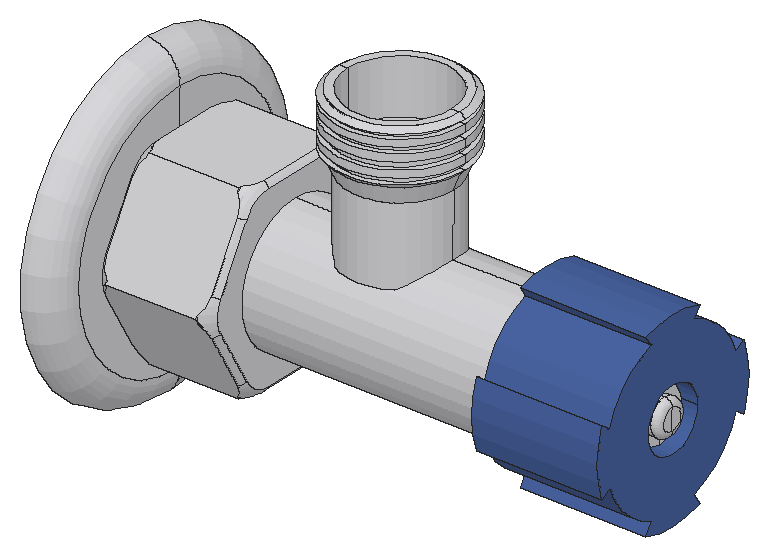
Revit family "BIM_01-3201-09", category Plumbing Fixtures, host Face, Revit 2026
Family settings
  Host = Face
  Round Connector Dimension = Use Diameter
  Part Type = Normal
  Classification Number = 23.31.11.00
  Enable Cutting in Views = No
  Cut with Voids When Loaded = No
  Maintain Annotation Orientation = No
  Shared = No
  Room Calculation Point = No
Parameters (values of type "01-3201-09")
  Waste Water Outlet = ""
  Vida Util = "2000 CICLOS"
  Torque de operación = "1.7 Nm"
  Torque de Conexión = "61 Nm"
  Tipo de Uso = "Domestico"
  Temperaturas de trabajo = "DE 5° A 71°"
  Sitio web = "https://www.gricol.com/"
  Rosca NPSM 1/2" = "1/2\""
  Rosca NPT 1/2" = "1/2\""
  Referente Normativo = "NTC 1644, ASME A112.18.1 / CSA B125.1"
  Presión de Estallído = 500.00 psi
  Presión Mínima = 20.00 psi
  Presión Maxima = 125.00 psi
  Plastico - ABS Cromado = Plastico ABS Cromado
  Plastico - ABS + Colorante azul = Plastico - ABS + Colorante azul
  Materiales del producto = "ABS, Latón, Caucho"
  Link Ficha Tecnica = "https://infotecnica.gricol.com/FT_01-3201-11_01-3201-09.pdf"
  Waste Connection = 1 = 0  # no
  Vent Connection = 1 = 0  # no
  URL = "https://www.gricol.com/products/llave-de-regulacion-cromada-manija-azul"
  Type Image = LLAVE DE REGULACION CRAMADA AZUL.jpg
  Product Name = "Llave De Regulación Cromada Manija Azul"  # constant formula
  Model = "01-3201-09\r"  # constant formula
  Manufacturer = "Gricol"  # constant formula
  HW Connection = 1 = 1  # yes
  Garantia Especifica = "20 AÑOS"
  Diametro nominal = "15.9 mm"
  Description = "Llave"  # constant formula
  Default Elevation = 0.0 mm
  Date Modified = "22/08/2025"  # constant formula
  Date Created = "05/28/2020"  # constant formula
  Copyright = "All rights reserved © Gricol - 2025."  # constant formula
  Conexiones = "Acometida: Rosca Hembra 1/2” NPT. Salida:\r\nRosca Macho 1/2” NPSM."
  CW Connection = 1 = 1  # yes
  Assembly Code = ""
  Ancho = 83.5 mm
  Diametro escudo = 50.6 mm
Reference planes
  plane 1 "Center (Front/Back)": y = 0
  plane 2: z = 0
  plane 3 "Center (Left/Right)": x = 0
  plane 4: x = -40.162
  plane 5: x = 43.338
  plane 6: z = 25.295
  plane 7: z = 50.6
  plane 8: x = -10.4
  plane 9: x = 10.4
Text (mm)
  text "Rosca NPSM 1/2\"" at (17.456, 0, 79.835), in view "Front"
  text "Rosca NPT 1/2\"" at (-137.418, 0, 25.544), in view "Front"
Dimensions and locks
  "Ancho": plane 4 to plane 5
  plane 4 to plane 3 "Center (Left/Right)" = 40.162 mm
  plane 7 to plane 6 = 25.305 mm
  "Diametro escudo": plane 7 to level
  plane 8 to plane 9 = 20.8 mm
  aligned and locked: plane 2 to host face
  aligned and locked: level to host face
Automatic sketch dimensions
  host sketch curve to host sketch curve = 167.561 mm
  host sketch curve to host sketch curve = 90.762 mm
Nested families
  nested 1: "LLAVE DE REGULACION CROMADA AZUL" at (0, 0, 0), type "LLAVE DE REGULACION CROMADA AZUL"
Definition of nested family "LLAVE DE REGULACION CROMADA AZUL"
  Parameters (values of type "LLAVE DE REGULACION CRAMADA AZUL")
    Weight Net (Kg) = "6.60Kg"
    Plastico - ABS Cromado = none
    Plastico - ABS + Colorante azul = none
    Waste Connection = no
    Vent Connection = no
    Type Comments = ""
    Nominal width = "370"
    Nominal height = "130"
    Model = ""
    Manufacturer = ""
    Keynote = ""
    HW Connection = no
    Default Elevation = 0.0 mm
    Cost = 0
    CW Connection = no
  Reference planes
    plane 1 "Center (Front/Back)": y = 0
    plane 2: z = 0
    plane 3 "Center (Left/Right)": x = 0
    plane 4 "11": x = -40.162
    plane 5: z = 57.295
    plane 6: x = 10.4
    plane 7: x = -10.4
    plane 8 "18": x = 43.338
    plane 9: z = 40.295
    plane 10: z = 50.6
    plane 11: z = 25.295
    plane 12: z = 10.295
  Forms (mm)
    Revolve 1, solid, material <- "Plastico - ABS Cromado"
      sketch origin (0.449, -0.057, -12.076) x (1, 0, 0) y (0, 0, 1)
        loop
          line (-9.98, 61.46) -> (-10.849, 61.46) -> (-10.067, 60.678) -> (-8.716, 60.678) -> (-8.716, 69.371) -> (-9.98, 69.371) -> (-10.849, 68.728) -> (-9.98, 68.728) -> (-9.98, 67.941) -> (-10.849, 67.941) -> (-10.849, 66.854) -> (-9.98, 66.854) -> (-9.98, 65.911) -> (-10.849, 65.911) -> (-10.849, 64.746) -> (-9.98, 64.746) -> (-9.98, 63.568) -> (-10.849, 63.568) -> (-10.849, 62.404) -> (-9.98, 62.404) -> (-9.98, 61.46)
        axis (-0.449, 69.371) -> (-0.449, 60.678)
      angle from 0 to 360
    Revolve 2, solid, material <- "Plastico - ABS Cromado"
      sketch origin (-124.259, -0.057, -50.324) x (0, 0, 1) y (-1, 0, 0)
        loop
          line (64.994, -106.659) -> (64.994, -147.672) -> (66.234, -147.672) -> (66.234, -106.659) -> (64.994, -106.659)
        axis (75.619, -106.659) -> (75.619, -147.672)
      angle from 0 to 360
    Revolve 3, solid, material <- "Plastico - ABS Cromado"
      sketch origin (0, 0, 10.295) x (1, 0, 0) y (0, 0, 1)
        loop
          line (-6.634, 38.307) -> (-9.619, 38.307) -> (-8.475, 35.445) -> (-8.475, 23.028) -> (-6.634, 23.028) -> (-6.634, 38.307)
        axis (0, 23.028) -> (0, 38.307)
      angle from 0 to 360
    Revolve 4, solid, material <- "Plastico - ABS Cromado"
      sketch origin (0.156, 0, 10.295) x (1, 0, 0) y (0, 0, 1)
        loop
          line (43.072, 15) -> (43.072, 16.688)
          arc (43.072, 16.688) -> (42.736, 17.498) -> (41.926, 17.834) r 1.146
          line (41.926, 17.834) -> (41.122, 17.834) -> (41.122, 19.218) -> (23.257, 19.218) -> (23.257, 15) -> (43.072, 15)
        axis (23.257, 15) -> (43.072, 15)
      angle from 0 to 360
    Extrusion 5, solid, material <- "Plastico - ABS Cromado"
      sketch origin (0, -102.723, 10.295) x (0, 1, 0) y (0, 0, 1)
        loop
          circle (102.723, 15) r 6.964
        loop
          line (111.383, 0) -> (120.043, 15) -> (111.383, 30) -> (94.062, 30) -> (85.402, 15) -> (94.062, 0) -> (111.383, 0)
      from -35 to -16.725
    Sweep 6, void
      path origin (0, 0, 10.295) x (0, 1, 0) y (0, 0, 1)
        loop
          line (5.196, 30) -> (-5.196, 30)
          arc (-5.196, 30) -> (-8.196, 29.196) -> (-10.392, 27) r 6
          line (-10.392, 27) -> (-15.588, 18)
          arc (-15.588, 18) -> (-16.392, 15) -> (-15.588, 12) r 6
          line (-15.588, 12) -> (-10.392, 3)
          arc (-10.392, 3) -> (-8.196, 0.804) -> (-5.196, 0) r 6
          line (-5.196, 0) -> (5.196, 0)
          arc (5.196, 0) -> (8.196, 0.804) -> (10.392, 3) r 6
          line (10.392, 3) -> (15.588, 12)
          arc (15.588, 12) -> (16.392, 15) -> (15.588, 18) r 6
          line (15.588, 18) -> (10.392, 27)
          arc (10.392, 27) -> (8.196, 29.196) -> (5.196, 30) r 6
      profile origin (0, 0, 40.295) x (0, 0, -1) y (1, 0, 0)
        loop
          line (-1.687, -36.452) -> (1.631, -36.452) -> (1.631, -35.391)
          arc (1.631, -35.391) -> (0.232, -34.434) -> (-0.724, -33.036) r 4.593
          line (-0.724, -33.036) -> (-1.687, -33.036) -> (-1.687, -36.452)
    Sweep 7, void
      path origin (-51.725, 0, 10.295) x (0, 1, 0) y (0, 0, -1)
        loop
          arc (5.196, -30) -> (8.196, -29.196) -> (10.392, -27) r 6
          line (10.392, -27) -> (15.588, -18)
          arc (15.588, -18) -> (16.392, -15) -> (15.588, -12) r 6
          line (15.588, -12) -> (10.392, -3)
          arc (10.392, -3) -> (8.196, -0.804) -> (5.196, 0) r 6
          line (5.196, 0) -> (-5.196, 0)
          arc (-5.196, 0) -> (-8.196, -0.804) -> (-10.392, -3) r 6
          line (-10.392, -3) -> (-15.588, -12)
          arc (-15.588, -12) -> (-16.392, -15) -> (-15.588, -18) r 6
          line (-15.588, -18) -> (-10.392, -27)
          arc (-10.392, -27) -> (-8.196, -29.196) -> (-5.196, -30) r 6
          line (-5.196, -30) -> (5.196, -30)
      profile origin (-51.725, 0, 40.295) x (0, 0, 1) y (-1, 0, 0)
        loop
          line (1.687, -36.452) -> (1.687, -33.036) -> (0.724, -33.036)
          arc (0.724, -33.036) -> (-0.232, -34.434) -> (-1.631, -35.391) r 4.593
          line (-1.631, -35.391) -> (-1.631, -36.452) -> (1.687, -36.452)
    Revolve 8, solid, material <- "Plastico - ABS Cromado"
      sketch origin (5.053, 0, 10.295) x (1, 0, 0) y (0, 0, 1)
        loop
          line (-39.345, 6.84) -> (-22.716, 6.84) -> (-22.716, 8.598) -> (-23.825, 8.598) -> (-23.825, 7.685) -> (-24.947, 7.685) -> (-24.947, 8.598) -> (-25.822, 8.598) -> (-25.822, 7.685) -> (-27.178, 7.685) -> (-27.178, 8.598) -> (-28.053, 8.598) -> (-28.053, 7.685) -> (-29.331, 7.685) -> (-29.331, 8.598) -> (-30.206, 8.598) -> (-30.206, 7.685) -> (-31.327, 7.685) -> (-31.327, 8.598) -> (-32.202, 8.598) -> (-32.202, 7.685) -> (-33.402, 7.685) -> (-33.402, 8.598) -> (-34.277, 8.598) -> (-34.277, 7.685) -> (-35.399, 7.685) -> (-35.399, 8.598) -> (-36.274, 8.598) -> (-36.274, 7.685) -> (-37.395, 7.685) -> (-37.395, 8.598) -> (-38.27, 8.598) -> (-38.27, 7.685) -> (-39.345, 7.685) -> (-39.345, 6.84)
        axis (-22.716, 15) -> (-39.345, 15)
      angle from 0 to 360
    Revolve 9, solid, material <- "Plastico - ABS Cromado"
      sketch origin (123.879, 0, 93.22) x (1, 0, 0) y (0, 0, 1)
        loop
          line (-164.04, -60.851) -> (-158.879, -60.851) -> (-158.879, -47.877)
          arc (-158.879, -47.877) -> (-160.385, -44.193) -> (-164.04, -42.62) r 5.258
          line (-164.04, -42.62) -> (-164.04, -60.851)
        axis (-158.879, -67.925) -> (-164.04, -67.925)
      angle from 0 to 360
    Extrusion 10, solid, material <- "Plastico - ABS + Colorante azul"
      sketch origin (43.338, 0, 10.295) x (0, 1, 0) y (0, 0, -1)
        loop
          line (5.276, -29.048) -> (4.218, -27.536)
          arc (4.218, -27.536) -> (9.352, -24.352) -> (12.536, -19.218) r 13.226
          line (12.536, -19.218) -> (14.048, -20.276)
          arc (14.048, -20.276) -> (15.006, -15) -> (14.048, -9.724) r 15.006
          line (14.048, -9.724) -> (12.536, -10.782)
          arc (12.536, -10.782) -> (9.352, -5.648) -> (4.218, -2.464) r 13.226
          line (4.218, -2.464) -> (5.276, -0.658)
          arc (5.276, -0.658) -> (0, 0.282) -> (-5.276, -0.658) r 15.282
          line (-5.276, -0.658) -> (-4.218, -2.464)
          arc (-4.218, -2.464) -> (-9.352, -5.648) -> (-12.536, -10.782) r 13.226
          line (-12.536, -10.782) -> (-14.048, -9.724)
          arc (-14.048, -9.724) -> (-15.006, -15) -> (-14.048, -20.276) r 15.006
          line (-14.048, -20.276) -> (-12.536, -19.218)
          arc (-12.536, -19.218) -> (-9.352, -24.352) -> (-4.218, -27.536) r 13.226
          line (-4.218, -27.536) -> (-5.276, -29.048)
          arc (-5.276, -29.048) -> (0, -30.006) -> (5.276, -29.048) r 15.006
        loop
          circle (0, -15) r 5
      from 0 to 19.925
  Cuts and joins
    Sweep 6, Sweep 7 cuts Extrusion 5
    joined: Revolve 2, Revolve 3
  Dimensions and locks
    Revolve 1 sketch curve to Revolve 1 sketch curve = 2.132 mm
    plane 3 "Center (Left/Right)" to plane 7 = 10.4 mm
    equal spacing: plane 6, plane 3 "Center (Left/Right)", plane 7
    plane 6 to plane 7 = 20.8 mm  (x2)
    plane 8 "18" to plane 4 "11" = 83.5 mm  (x2)
    plane 10 to level = 50.6 mm
    aligned and locked: level to plane 2
  Automatic sketch dimensions
    Revolve 1 sketch curve to plane 7 = 0.0 mm  (x5)
    Revolve 1 sketch curve to plane 3 "Center (Left/Right)" = 0.0 mm
    plane 7 to Revolve 1 sketch curve = 0.781 mm
    plane 7 to Revolve 1 sketch curve = 0.869 mm  (x3)
    Revolve 1 sketch curve to Revolve 1 sketch curve = 0.0 mm
    Revolve 1 sketch curve to Revolve 1 sketch curve = 0.088 mm
    Revolve 1 sketch curve to plane 5 = 8.693 mm
    Revolve 1 sketch curve to Revolve 1 sketch curve = 0.781 mm
    Revolve 1 sketch curve to Revolve 1 sketch curve = 0.944 mm  (x2)
    Revolve 1 sketch curve to Revolve 1 sketch curve = 1.165 mm  (x2)
    Revolve 1 sketch curve to Revolve 1 sketch curve = 1.178 mm
    Revolve 1 sketch curve to Revolve 1 sketch curve = 1.086 mm
    Revolve 1 sketch curve to Revolve 1 sketch curve = 0.788 mm
    Revolve 1 sketch curve to Revolve 1 sketch curve = 0.643 mm
    Revolve 1 sketch curve to Revolve 1 sketch curve = 10.699 mm
    Revolve 1 sketch curve to Revolve 1 sketch curve = 1.872 mm
    level to Revolve 2 sketch curve = 15.91 mm
    Revolve 2 sketch curve to Revolve 2 sketch curve = 1.24 mm
    plane 6 to Revolve 2 sketch curve = 13.013 mm
    Revolve 2 sketch curve to plane 7 = 7.2 mm  (x2)
    Revolve 2 sketch curve to plane 8 "18" = 8.857 mm
    Revolve 3 sketch curve to plane 3 "Center (Left/Right)" = 0.0 mm
    plane 7 to Revolve 3 sketch curve = 3.766 mm
    plane 7 to Revolve 3 sketch curve = 1.925 mm
    plane 7 to Revolve 3 sketch curve = 0.781 mm
    Revolve 3 sketch curve to plane 5 = 23.972 mm
    Revolve 3 sketch curve to Revolve 3 sketch curve = 12.417 mm
    Revolve 3 sketch curve to Revolve 3 sketch curve = 2.863 mm
    Revolve 3 sketch curve to Revolve 3 sketch curve = 5.0 mm
    Revolve 3 sketch curve to Revolve 3 sketch curve = 5.232 mm
    plane 6 to Revolve 4 sketch curve = 13.013 mm
    Revolve 4 sketch curve to plane 8 "18" = 2.06 mm
    Revolve 4 sketch curve to Revolve 4 sketch curve = 0.804 mm
    Revolve 4 sketch curve to plane 8 "18" = 0.11 mm
    Revolve 4 sketch curve to Revolve 4 sketch curve = 1.438 mm
    plane 8 "18" to Revolve 4 sketch curve = 0.513 mm
    level to Extrusion 5 sketch curve = 10.295 mm
    plane 9 to Extrusion 5 sketch curve = 0.0 mm
    Extrusion 5 sketch curve to plane 1 "Center (Front/Back)" = 0.0 mm
    plane 1 "Center (Front/Back)" to Extrusion 5 sketch curve = 8.66 mm  (x2)
    Extrusion 5 sketch curve to Extrusion 5 sketch curve = 8.66 mm  (x2)
    Extrusion 5 sketch curve to plane 1 "Center (Front/Back)" = 8.66 mm  (x2)
    plane 9 to Sweep 6 sketch curve = 0.0 mm
    level to Sweep 6 sketch curve = 10.295 mm
    plane 1 "Center (Front/Back)" to Sweep 6 sketch curve = 15.588 mm
    plane 9 to Sweep 6 sketch curve = 3.0 mm  (x2)
    Sweep 6 sketch curve to Sweep 6 sketch curve = 5.196 mm  (x7)
    level to Sweep 6 sketch curve = 13.295 mm  (x2)
    plane 1 "Center (Front/Back)" to Sweep 6 sketch curve = 5.196 mm  (x2)
    Sweep 6 sketch curve to plane 1 "Center (Front/Back)" = 5.196 mm  (x2)
    profile plane to Sweep 6 sketch curve = 1.687 mm
    profile plane to Sweep 6 sketch curve = 0.724 mm
    Sweep 6 sketch curve to profile plane = 1.631 mm
    Sweep 6 sketch curve to profile plane = 3.48 mm
    Sweep 6 sketch curve to plane 3 "Center (Left/Right)" = 36.452 mm
    Sweep 6 sketch curve to Sweep 6 sketch curve = 1.061 mm
    Sweep 6 sketch curve to Sweep 6 sketch curve = 3.416 mm
    plane 9 to Sweep 7 sketch curve = 0.0 mm
    level to Sweep 7 sketch curve = 10.295 mm
    plane 1 "Center (Front/Back)" to Sweep 7 sketch curve = 15.588 mm
    plane 9 to Sweep 7 sketch curve = 3.0 mm  (x2)
    Sweep 7 sketch curve to Sweep 7 sketch curve = 5.196 mm  (x7)
    level to Sweep 7 sketch curve = 13.295 mm  (x2)
    plane 1 "Center (Front/Back)" to Sweep 7 sketch curve = 5.196 mm  (x2)
    Sweep 7 sketch curve to plane 1 "Center (Front/Back)" = 5.196 mm  (x2)
    profile plane to Sweep 7 sketch curve = 3.48 mm
    profile plane to Sweep 7 sketch curve = 1.631 mm
    Sweep 7 sketch curve to profile plane = 0.724 mm
    Sweep 7 sketch curve to Sweep 7 sketch curve = 0.963 mm
    Sweep 7 sketch curve to profile plane = 36.452 mm
    Sweep 7 sketch curve to Sweep 7 sketch curve = 1.061 mm
    Sweep 7 sketch curve to Sweep 7 sketch curve = 3.416 mm
    plane 4 "11" to Revolve 8 sketch curve = 5.869 mm
    Revolve 8 sketch curve to Revolve 8 sketch curve = 1.075 mm
    Revolve 8 sketch curve to Revolve 8 sketch curve = 0.875 mm  (x7)
    Revolve 8 sketch curve to Revolve 8 sketch curve = 1.122 mm  (x4)
    Revolve 8 sketch curve to Revolve 8 sketch curve = 1.2 mm
    Revolve 8 sketch curve to Revolve 8 sketch curve = 1.278 mm
    Revolve 8 sketch curve to Revolve 8 sketch curve = 1.356 mm
    Revolve 8 sketch curve to Revolve 8 sketch curve = 1.109 mm
    Revolve 8 sketch curve to Revolve 8 sketch curve = 0.0 mm  (x13)
    Revolve 8 sketch curve to Revolve 8 sketch curve = 0.913 mm  (x2)
    Revolve 8 sketch curve to Revolve 8 sketch curve = 0.844 mm  (x2)
    plane 4 "11" to Revolve 8 sketch curve = 4.347 mm
    Extrusion 10 sketch curve to Extrusion 10 sketch curve = 0.0 mm  (x54)
    Extrusion 10 sketch curve to plane 1 "Center (Front/Back)" = 0.0 mm
    plane 1 "Center (Front/Back)" to Extrusion 10 sketch curve = 4.218 mm  (x2)
    level to Extrusion 10 sketch curve = 10.952 mm  (x2)
    Extrusion 10 sketch curve to Extrusion 10 sketch curve = 1.059 mm  (x5)
    plane 9 to Extrusion 10 sketch curve = 0.952 mm  (x2)
    Extrusion 10 sketch curve to Extrusion 10 sketch curve = 8.318 mm  (x2)
    Extrusion 10 sketch curve to Extrusion 10 sketch curve = 1.512 mm  (x6)
    Extrusion 10 sketch curve to plane 1 "Center (Front/Back)" = 4.218 mm  (x2)
    Revolve 2 sketch curve to Revolve 2 sketch curve = 9.385 mm
    plane 9 to Revolve 4 sketch curve = 15.0 mm
    Revolve 4 sketch curve to Revolve 4 sketch curve = 1.688 mm  (x2)
    Revolve 4 sketch curve to Revolve 4 sketch curve = 4.218 mm
    plane 9 to Extrusion 5 sketch curve = 15.0 mm  (x3)
    Sweep 6 sketch curve to Sweep 6 sketch curve = 0.0 mm  (x2)
    Sweep 6 sketch curve to Sweep 6 sketch curve = 9.0 mm  (x2)
    Sweep 6 sketch curve to Sweep 6 sketch curve = 3.0 mm  (x2)
    Sweep 7 sketch curve to Sweep 7 sketch curve = 0.0 mm  (x2)
    Sweep 7 sketch curve to Sweep 7 sketch curve = 9.0 mm  (x2)
    Sweep 7 sketch curve to Sweep 7 sketch curve = 3.0 mm  (x2)
    level to Revolve 8 sketch curve = 17.135 mm
    Revolve 8 sketch curve to Revolve 8 sketch curve = 6.402 mm
    plane 9 to Extrusion 10 sketch curve = 9.724 mm  (x2)
    Revolve 9 sketch curve to plane 11 = 0.0 mm
    Revolve 9 sketch curve to plane 4 "11" = 0.0 mm
    Revolve 9 sketch curve to plane 4 "11" = 0.096 mm
    plane 4 "11" to Revolve 9 sketch curve = 5.162 mm
    Revolve 9 sketch curve to plane 11 = 7.075 mm
    Revolve 9 sketch curve to plane 9 = 5.048 mm
    Revolve 9 sketch curve to plane 4 "11" = 10.0 mm
    Revolve 9 sketch curve to Revolve 9 sketch curve = 4.838 mm
    radius of Extrusion 5 sketch curve = 6.964 mm
    radius of Extrusion 10 sketch curve = 5.0 mm
